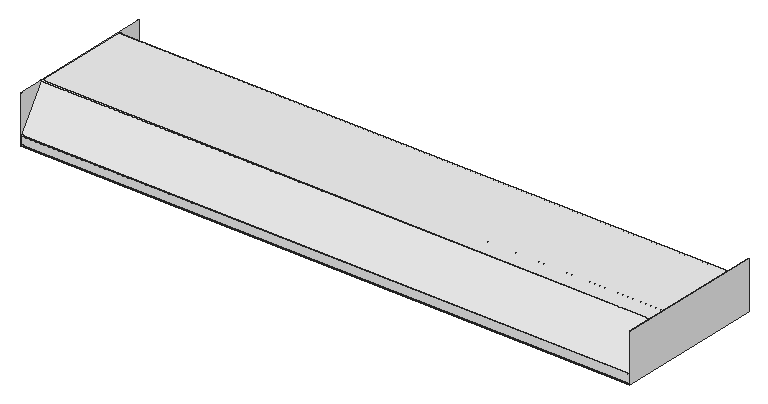
Revit family "BVL1x4", category Lighting Fixtures, host Ceiling, Revit 2019
Family settings
  Host = Ceiling
  Round Connector Dimension = Use Diameter
  Part Type = Normal
  OmniClass Number = 23.80.70.11.14.17
  OmniClass Title = Direct/Indirect
  Always vertical = Yes
  Cut with Voids When Loaded = No
  Light Source = Yes
  Shared = No
  Room Calculation Point = No
Parameters (values of type "BVL1X4-LED840K050LUNV")
  Width = 0' - 11 3/4"
  Wattage = 41 W
  built-in parameter 1150110 = 1 (stored number, unit not read)
  Voltage = 120 V
  URL = "https://www.viscor.com/en/products/bevel"
  built-in parameter 1114217 = 0.9 (stored number, unit not read)
  Tilt Angle = 90.00°
  built-in parameter 1150109 = 1 (stored number, unit not read)
  built-in parameter 1150134 = 12
  built-in parameter 1150113 = 1 (stored number, unit not read)
  Photometric Web File = "BVL1X4-LED840K050LUNV.ies"
  Model = "BVL"  # constant formula
  Manufacturer = "VISIONEERING by VISCOR"  # constant formula
  Lumens = 5002 lm
  built-in parameter 1150115 = 1 (stored number, unit not read)
  built-in parameter 1150105 = 398.05 (stored number, unit not read)
  built-in parameter 1150137 = (empty or 0)
  built-in parameter 1150139 = (empty or 0)
  Lens Finish = Acrylic - Viscor - Frosted White
  Lens Depth = 0' - 0 1/32"
  Length = 3' - 11 3/4"
  Lamp Wattage = 41 VA
  built-in parameter 1150112 = 1 (stored number, unit not read)
  built-in parameter 1150114 = 1 (stored number, unit not read)
  Lamp = "LED"  # constant formula
  built-in parameter 1150132 = (empty or 0)
  built-in parameter 1150102 = (empty or 0)
  built-in parameter 1150138 = (empty or 0)
  built-in parameter 1150107 = 4000 (stored number, unit not read)
  built-in parameter 1150106 = 3.9805 (stored number, unit not read)
  Housing Finish = Metal - Viscor - White
  Emit from Rectangle Width = Width  # 0' - 11 3/4"
  Emit from Rectangle Length = Length  # 3' - 11 3/4"
  Emit from Rectangle Height = Lens Depth  # 0' - 0 1/32"
  Emit Shape Visible in Rendering = no
  built-in parameter 1150104 = 11.334 (stored number, unit not read)
  Dimming Lamp Color Temperature Shift = <None>
  Description = "Architectural Premium-Grade, Recessed, Lay-In T-Bar Troffer"  # constant formula
  Color Filter = 16777215
  built-in parameter 1114218 = 1 (stored number, unit not read)
  built-in parameter 1150133 = 10 (stored number, unit not read)
  Assembly Code = "D5020200"
  Apparent Load = Lamp Wattage  # 41 VA
Types (5): name | Wattage | URL | Photometric Web File | Lumens | built-in parameter 1150105 | Lamp Wattage | built-in parameter 1150106 | built-in parameter 1150104 | Apparent Load
  (no name) | 41 W | "https://www.viscor.com/en/products/bevel" | "BVL1X4-LED840K050LUNV.ies" | 5002 lm | 398.05 (stored number, unit not read) | 41 VA | 3.9805 (stored number, unit not read) | 11.334 (stored number, unit not read) | 41 VA
  BVL1X4-LED840K050LUNV | 41 W | "https://www.viscor.com/en/products/bevel" | "BVL1X4-LED840K050LUNV.ies" | 5002 lm | 398.05 (stored number, unit not read) | 41 VA | 3.9805 (stored number, unit not read) | 11.334 (stored number, unit not read) | 41 VA
  BVL1X4-LED840K025LUNV | 20 W | "https://www.viscor.com/en/products/bvl" | "BVL1X4-LED840K025LUNV.ies" | 2520 lm | 200.54 (stored number, unit not read) | 20 VA | 2.0054 (stored number, unit not read) | 11.706 (stored number, unit not read) | 20 VA
  BVL1X4-LED840K035LUNV | 28 W | "https://www.viscor.com/en/products/bvl" | "BVL1X4-LED840K035LUNV.ies" | 3528 lm | 280.75 (stored number, unit not read) | 28 VA | 2.8075 (stored number, unit not read) | 11.706 (stored number, unit not read) | 28 VA
  BVL1X4-LED840K042LUNV | 34 W | "https://www.viscor.com/en/products/bevel" | "BVL1X4-LED840K042LUNV.ies" | 4250 lm | 338.2 (stored number, unit not read) | 34 VA | 3.382 (stored number, unit not read) | 11.613 (stored number, unit not read) | 34 VA
Reference planes (in)
  plane 1 "Light Source Axis (F/B)": y = 0
  plane 2 "Ceiling": z = 96
  plane 3 "Light Source Axis (L/R)": x = 0
  plane 4 "Light Source Elevation": z = 95.96875
  plane 5: y = 5.875
  plane 6: y = -5.875
  plane 7: x = -23.875
  plane 8: x = 23.875
  plane 9 "Lens Depth": z = 95.96875
  plane 10: x = -23.46875
  plane 11: x = 23.46875
  plane 12: x = -23.40625
  plane 13: x = 23.40625
  plane 14: x = -23.84375
  plane 15: x = 23.84375
Forms (in)
  Extrusion 1, void
    sketch origin (0, 0, 96) x (1, 0, 0) y (0, 1, 0)
      loop
        line (-23.875, -5.875) -> (23.875, -5.875) -> (23.875, 5.875) -> (-23.875, 5.875) -> (-23.875, -5.875)
    from -0.37748 to 4.45884
  Extrusion 2, solid, material "Metal - Viscor - White" <- "Housing Finish"
    sketch origin (0, 0, 0) x (0, 1, 0) y (0, 0, 1)
      loop
        line (-5.817, 96.69998) -> (-5.817, 96.03075)
        arc (-5.817, 96.03075) -> (-5.79884, 95.98691) -> (-5.755, 95.96875) r 0.062
        line (-5.755, 95.96875) -> (-5.442, 95.96875) -> (-5.442, 96) -> (-5.755, 96)
        arc (-5.755, 96) -> (-5.77674, 96.00901) -> (-5.78575, 96.03075) r 0.03075
        line (-5.78575, 96.03075) -> (-5.78575, 96.70929) -> (-3.80028, 99.6875) -> (3.79128, 99.6875) -> (5.77675, 96.70929) -> (5.77675, 96.03075)
        arc (5.77675, 96.03075) -> (5.76774, 96.00901) -> (5.746, 96) r 0.03075
        line (5.746, 96) -> (5.433, 96) -> (5.433, 95.96875) -> (5.746, 95.96875)
        arc (5.746, 95.96875) -> (5.78984, 95.98691) -> (5.808, 96.03075) r 0.062
        line (5.808, 96.03075) -> (5.808, 96.69998)
        arc (5.808, 96.69998) -> (5.80534, 96.71794) -> (5.79759, 96.73437) r 0.062
        line (5.79759, 96.73437) -> (3.82641, 99.69114)
        arc (3.82641, 99.69114) -> (3.80407, 99.71141) -> (3.77482, 99.71875) r 0.062
        line (3.77482, 99.71875) -> (-3.78382, 99.71875)
        arc (-3.78382, 99.71875) -> (-3.81307, 99.71141) -> (-3.83541, 99.69114) r 0.062
        line (-3.83541, 99.69114) -> (-5.80659, 96.73437)
        arc (-5.80659, 96.73437) -> (-5.81434, 96.71794) -> (-5.817, 96.69998) r 0.062
    from -23.84375 to 23.84375
  Extrusion 3, solid, material "Metal - Viscor - White" <- "Housing Finish"
    sketch origin (0, 0, 0) x (0, 1, 0) y (0, 0, 1)
      loop
        line (5.7795, 95.96875) -> (5.7795, 99.71875) -> (-5.8185, 99.71875) -> (-5.8185, 95.96875) -> (5.7795, 95.96875)
    from 23.84375 to 23.875
  Extrusion 4, solid, material "Metal - Viscor - White" <- "Housing Finish"
    sketch origin (0, 0, 0) x (0, 1, 0) y (0, 0, -1)
      loop
        line (5.7795, -95.96875) -> (-5.8185, -95.96875) -> (-5.8185, -99.71875) -> (5.7795, -99.71875) -> (5.7795, -95.96875)
    from 23.84375 to 23.875
  Extrusion 5, solid, material "Metal - Viscor - White" <- "Housing Finish"
    sketch origin (0, 0, 0) x (0, 1, 0) y (0, 0, 1)
      loop
        line (1.46965, 99.27901) -> (0.68883, 97.60823) -> (0.71714, 97.595) -> (1.50302, 99.2766) -> (2.43384, 99.66216) -> (2.42188, 99.69103) -> (1.50209, 99.31004)
        arc (1.50209, 99.31004) -> (1.48297, 99.29757) -> (1.46965, 99.27901) r 0.062
    from -23.84375 to 23.84375
  Extrusion 6, solid, material "Metal - Viscor - White" <- "Housing Finish"
    sketch origin (0, 0, 0) x (0, -1, 0) y (0, 0, -1)
      loop
        arc (1.46965, -99.27901) -> (1.48297, -99.29757) -> (1.50209, -99.31004) r 0.062
        line (1.50209, -99.31004) -> (2.42188, -99.69103) -> (2.43384, -99.66216) -> (1.50302, -99.2766) -> (0.71714, -97.595) -> (0.68883, -97.60823) -> (1.46965, -99.27901)
    from -23.84375 to 23.84375
  Extrusion 7, solid, material "Metal - Viscor - White" <- "Housing Finish"
    sketch origin (0, 0, 0) x (0, 1, 0) y (0, 0, 1)
      loop
        arc (1.0845, 97.21875) -> (1.1125, 97.24675) -> (1.0845, 97.27475) r 0.028
        line (1.0845, 97.27475) -> (0.722, 97.27475)
        arc (0.722, 97.27475) -> (0.69442, 97.28617) -> (0.683, 97.31375) r 0.039
        line (0.683, 97.31375) -> (0.683, 97.75175) -> (0.65175, 97.75175) -> (0.65175, 97.25175) -> (-0.66075, 97.25175) -> (-0.66075, 97.75175) -> (-0.692, 97.75175) -> (-0.692, 97.31375)
        arc (-0.692, 97.31375) -> (-0.70342, 97.28617) -> (-0.731, 97.27475) r 0.039
        line (-0.731, 97.27475) -> (-1.0935, 97.27475)
        arc (-1.0935, 97.27475) -> (-1.1215, 97.24675) -> (-1.0935, 97.21875) r 0.028
        line (-1.0935, 97.21875) -> (1.0845, 97.21875)
    from -23.84375 to 23.84375
  Extrusion 8, solid, material "Acrylic - Viscor - Frosted White" <- "Lens Finish"
    sketch origin (0, 0, 0) x (0, 1, 0) y (0, 0, 1)
      loop
        line (0.706, 97.38137) -> (5.63901, 95.99175) -> (5.64748, 96.02183) -> (0.71447, 97.41145) -> (0.706, 97.38137)
    from -23.84375 to 23.84375
  Extrusion 9, solid, material "Acrylic - Viscor - Frosted White" <- "Lens Finish"
    sketch origin (0, 0, 0) x (0, -1, 0) y (0, 0, -1)
      loop
        line (0.706, -97.38137) -> (0.71447, -97.41145) -> (5.64748, -96.02183) -> (5.63901, -95.99175) -> (0.706, -97.38137)
    from -23.84375 to 23.84375
Dimensions and locks (in)
  equal spacing: host sketch curve, plane 3 "Light Source Axis (L/R)", host sketch curve
  equal spacing: host sketch curve, plane 1 "Light Source Axis (F/B)", host sketch curve
  host sketch curve to host sketch curve = 10' - 0"  (x2)
  equal spacing: plane 7, plane 3 "Light Source Axis (L/R)", plane 8
  "Length": plane 7 to plane 8
  equal spacing: plane 5, plane 1 "Light Source Axis (F/B)", plane 6
  "Width": plane 5 to plane 6
  "Emit from Rectangle Height": plane 4 "Light Source Elevation" to plane 2 "Ceiling"
  "Lens Depth": plane 2 "Ceiling" to plane 9 "Lens Depth"
  locked: plane 7 to plane 10 at 0.40625
  locked: plane 11 to plane 8 at 0.40625
  locked: plane 7 to plane 12 at 0.46875
  locked: plane 13 to plane 8 at 0.46875
  locked: plane 14 to plane 7 at 0.03125
  locked: plane 15 to plane 8 at 0.03125
  plane 1 "Light Source Axis (F/B)" to plane 1 "Light Source Axis (F/B)" = 0' - 0"
  aligned and locked: plane 3 "Light Source Axis (L/R)" to imposter light
  aligned and locked: plane 1 "Light Source Axis (F/B)" to imposter light
  aligned and locked: plane 4 "Light Source Elevation" to imposter light
  aligned and locked: Extrusion 1 to plane 6
  aligned and locked: plane 5 to Extrusion 1
  aligned and locked: Extrusion 1 to plane 7
  aligned and locked: plane 8 to Extrusion 1
  aligned and locked: Extrusion 2 to plane 14
  aligned and locked: plane 15 to Extrusion 2
  aligned and locked: plane 8 to Extrusion 3
  aligned and locked: Extrusion 3 to plane 15
  aligned and locked: Extrusion 4 to plane 7
  aligned and locked: plane 14 to Extrusion 4
  aligned and locked: Extrusion 5 to plane 14
  aligned and locked: Extrusion 6 to plane 14
  aligned and locked: plane 15 to Extrusion 5
  aligned and locked: plane 15 to Extrusion 6
  aligned and locked: Extrusion 7 sketch curve to import instance
  aligned and locked: Extrusion 7 to plane 14
  aligned and locked: plane 15 to Extrusion 7
  aligned and locked: Extrusion 9 to plane 14
  aligned and locked: Extrusion 8 to plane 14
  aligned and locked: plane 15 to Extrusion 9
  aligned and locked: plane 15 to Extrusion 8
Automatic sketch dimensions
  Extrusion 1 sketch curve to plane 5 = 0' - 0"
  Extrusion 1 sketch curve to plane 7 = 0' - 0"
  Extrusion 1 sketch curve to plane 8 = 0' - 0"
  Extrusion 1 sketch curve to plane 6 = 0' - 0"
  Extrusion 2 sketch curve to Extrusion 2 sketch curve = 0' - 0"  (x4)
  Extrusion 2 sketch curve to plane 2 "Ceiling" = 0' - 0"  (x2)
  plane 4 "Light Source Elevation" to Extrusion 2 sketch curve = 0' - 0"  (x2)
  plane 6 to Extrusion 2 sketch curve = 0' - 0.058"
  Extrusion 2 sketch curve to Extrusion 2 sketch curve = 0' - 0.02084"  (x2)
  plane 2 "Ceiling" to Extrusion 2 sketch curve = 0' - 0.03075"  (x2)
  Extrusion 2 sketch curve to Extrusion 2 sketch curve = 0' - 0.03075"  (x2)
  Extrusion 2 sketch curve to Extrusion 2 sketch curve = 0' - 0.313"
  plane 6 to Extrusion 2 sketch curve = 0' - 2.03959"
  Extrusion 2 sketch curve to Extrusion 2 sketch curve = 0' - 0.03513"  (x2)
  Extrusion 2 sketch curve to Extrusion 2 sketch curve = 0' - 0.01646"  (x2)
  Extrusion 2 sketch curve to plane 5 = 0' - 2.10018"
  Extrusion 2 sketch curve to plane 5 = 0' - 0.442"
  Extrusion 2 sketch curve to plane 5 = 0' - 0.129"  (x2)
  Extrusion 2 sketch curve to Extrusion 2 sketch curve = 0' - 0.66923"  (x2)
  Extrusion 2 sketch curve to Extrusion 2 sketch curve = 0' - 0.00931"  (x2)
  Extrusion 2 sketch curve to Extrusion 2 sketch curve = 0' - 2.95677"  (x2)
  Extrusion 2 sketch curve to Extrusion 2 sketch curve = 0' - 0.00364"
  plane 4 "Light Source Elevation" to Extrusion 3 sketch curve = 0' - 0"
  plane 6 to Extrusion 3 sketch curve = 0' - 0.0565"
  Extrusion 3 sketch curve to plane 5 = 0' - 0.0955"
  plane 2 "Ceiling" to Extrusion 3 sketch curve = 0' - 3 23/32"
  plane 4 "Light Source Elevation" to Extrusion 4 sketch curve = 0' - 0"
  plane 6 to Extrusion 4 sketch curve = 0' - 0.0565"
  Extrusion 4 sketch curve to plane 5 = 0' - 0.0955"
  plane 2 "Ceiling" to Extrusion 4 sketch curve = 0' - 3 23/32"
  Extrusion 5 sketch curve to plane 1 "Light Source Axis (F/B)" = 0' - 0.68883"
  Extrusion 5 sketch curve to Extrusion 5 sketch curve = 0' - 0.02831"
  Extrusion 5 sketch curve to plane 1 "Light Source Axis (F/B)" = 0' - 1.46965"
  Extrusion 5 sketch curve to Extrusion 5 sketch curve = 0' - 0.03244"
  Extrusion 5 sketch curve to Extrusion 5 sketch curve = 0' - 0.03337"
  Extrusion 5 sketch curve to Extrusion 5 sketch curve = 0' - 0.0228"
  Extrusion 5 sketch curve to Extrusion 5 sketch curve = 0' - 0.91979"
  Extrusion 5 sketch curve to Extrusion 5 sketch curve = 0' - 0.01196"
  plane 2 "Ceiling" to Extrusion 5 sketch curve = 0' - 1.595"
  Extrusion 5 sketch curve to Extrusion 5 sketch curve = 0' - 0.01323"
  Extrusion 5 sketch curve to Extrusion 5 sketch curve = 0' - 0.02384"
  Extrusion 6 sketch curve to plane 1 "Light Source Axis (F/B)" = 0' - 0.68883"
  Extrusion 6 sketch curve to Extrusion 6 sketch curve = 0' - 0.02831"
  Extrusion 6 sketch curve to plane 1 "Light Source Axis (F/B)" = 0' - 1.46965"
  Extrusion 6 sketch curve to Extrusion 6 sketch curve = 0' - 0.03244"
  Extrusion 6 sketch curve to Extrusion 6 sketch curve = 0' - 0.03337"
  Extrusion 6 sketch curve to Extrusion 6 sketch curve = 0' - 0.0228"
  Extrusion 6 sketch curve to Extrusion 6 sketch curve = 0' - 0.91979"
  Extrusion 6 sketch curve to Extrusion 6 sketch curve = 0' - 0.01196"
  Extrusion 6 sketch curve to plane 2 "Ceiling" = 0' - 1.595"
  Extrusion 6 sketch curve to Extrusion 6 sketch curve = 0' - 0.01323"
  Extrusion 6 sketch curve to Extrusion 6 sketch curve = 0' - 0.02384"
  Extrusion 7 sketch curve to Extrusion 7 sketch curve = 0' - 0 1/32"  (x2)
  plane 1 "Light Source Axis (F/B)" to Extrusion 7 sketch curve = 0' - 0.66075"
  Extrusion 7 sketch curve to Extrusion 7 sketch curve = 0' - 0.039"
  Extrusion 7 sketch curve to Extrusion 7 sketch curve = 0' - 0.3625"  (x2)
  Extrusion 7 sketch curve to Extrusion 7 sketch curve = 0' - 0.062"
  Extrusion 7 sketch curve to Extrusion 7 sketch curve = 0' - 0.005"
  Extrusion 7 sketch curve to Extrusion 7 sketch curve = 0' - 0.028"
  Extrusion 7 sketch curve to Extrusion 7 sketch curve = 0' - 0.438"  (x2)
  Extrusion 8 sketch curve to plane 1 "Light Source Axis (F/B)" = 0' - 0.706"
  Extrusion 8 sketch curve to Extrusion 8 sketch curve = 0' - 0.00847"
  Extrusion 8 sketch curve to plane 2 "Ceiling" = 0' - 0.00825"
  Extrusion 8 sketch curve to plane 5 = 0' - 0.23599"
  plane 2 "Ceiling" to Extrusion 8 sketch curve = 0' - 0.02183"
  Extrusion 9 sketch curve to plane 1 "Light Source Axis (F/B)" = 0' - 0.706"
  Extrusion 9 sketch curve to Extrusion 9 sketch curve = 0' - 0.00847"
  plane 2 "Ceiling" to Extrusion 9 sketch curve = 0' - 0.00825"
  Extrusion 9 sketch curve to plane 6 = 0' - 0.23599"
  Extrusion 9 sketch curve to plane 2 "Ceiling" = 0' - 0.02183"
Connectors (in)
  electrical at (0, 0, 96), driven by "Voltage", driven by "Apparent Load"
    settings: index 1, voltage 120 V, apparent load 0 VA, apparent load phase1 41 VA, apparent load phase2 0 VA, apparent load phase3 0 VA, power factor 1, load classification "Other", number of poles 1, system type 31, power factor state 1, is connector primary yes, connector utility no, sub classification motor no, connector description ""
